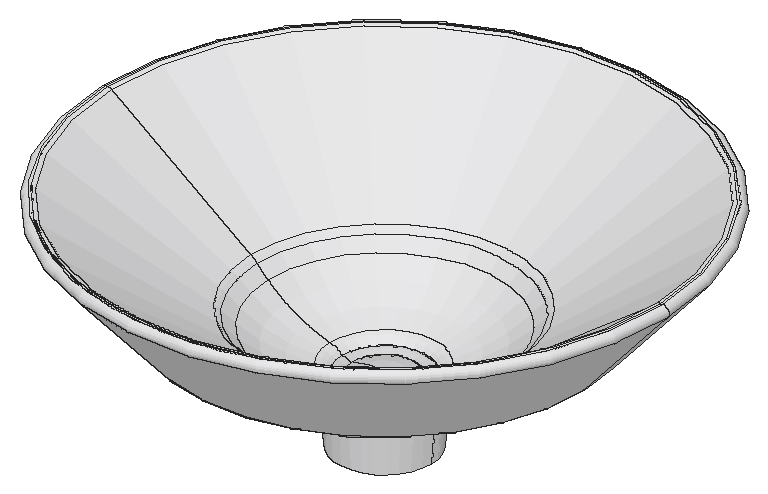
Revit family "Sink-Vessel-Lavatory-KOHLER-CONICAL_BELL-K-2200T", category Plumbing Fixtures, host Face, Revit 2017
Family settings
  Host = Face
  Round Connector Dimension = Use Diameter
  Part Type = Normal
  OmniClass Number = 23.31.13.00
  OmniClass Title = Sinks
  Cut with Voids When Loaded = No
  Shared = No
  Room Calculation Point = No
Parameters (values of type "0-White")
  Width = 16 7/32"  # constant formula
  WaterSense Certified = 1 = 0  # no
  Waste Water Outlet = "Waste Water Outlet"  # constant formula
  Waste Connection = 1 = 1  # yes
  Vent Connection = 1 = 0  # no
  URL = "http://www.kohler.com.cn/en/"
  Type = 1
  Product Page URL = ""
  Product Name = "CONICAL BELL\r\n"  # constant formula
  Product Documentation Link = ""
  Model = if(Type = 1, "K-2200T-G-0", if(Type = 2, "K-2200T-G-47", if(Type = 3, "K-2200T-G-71", if(Type = 4, "K-2200T-G-95", if(Type = 5, "K-2200T-G-96", "NA")))))  # "K-2200T-G-0"
  Material = "Vitrous China"  # constant formula
  Master Format 2014 Name = "Residential Lavatories and Sinks"  # constant formula
  Master Format 2014 = "22 41 16"  # constant formula
  Manufacturer Address = "158 Jiangchang 3rd Road Zhabei District Shanghai, 200436 China"  # constant formula
  Manufacturer = "KOHLER Co."  # constant formula
  Length = 16 7/32"  # constant formula
  Hot Water Inlet = "Hot Water Inlet"  # constant formula
  Height = 6 97/256"  # constant formula
  HW Connection = 1 = 0  # no
  Finish = Kohler-Vitreous_China-0-White
  Environmental Product Declaration = ""
  Drain Included = 1 = 0  # no
  Description = "Vessels Conical Bell Lavatory with Glazed Bottom"  # constant formula
  Default Elevation = 36"
  Declare Label = ""
  Date Modified = "07/02/2020"  # constant formula
  Date Created = "07/02/2020"  # constant formula
  Copyright = "Copyright KOHLER Co."  # constant formula
  Contact Us = "http://www.kohler.com.cn/en/contact/contact-us/"
  Cold Water Inlet = "Cold Water Inlet"  # constant formula
  CW Connection = 1 = 0  # no
  Assembly Code = "D2010400"
  ADA Compliant = 1 = 0  # no
Types (6): name | Type | Model | Finish
  (no name) | 1 | "K-2200T-G-0" | Kohler-Vitreous_China-0-White
  0-White | 1 | "K-2200T-G-0" | Kohler-Vitreous_China-0-White
  47-Almond | 2 | "K-2200T-G-47" | Kohler-Vitreous_China-47-Almond
  71-Seafoam | 3 | "K-2200T-G-71" | KOHLER-Vitreous_China-71-Seafoam
  95-Ice Grey | 4 | "K-2200T-G-95" | Kohler-Vitreous_China-95-Ice_Grey
  96-Biscuit | 5 | "K-2200T-G-96" | Kohler-Vitreous_China-96-Biscuit
Reference planes (in)
  plane 1 "Center (Front/Back)": y = 0
  plane 2: z = 0
  plane 3 "Center (Left/Right)": x = 0
  plane 4: x = -8.11024
  plane 5: x = 8.10851
  plane 6: y = 8.11024
  plane 7: y = -8.10851
  plane 8: z = 2.99213
  plane 9: z = -3.38678
Forms (in)
  Extrusion 1, void
    sketch origin (0, 0, 0) x (1, 0, 0) y (0, 1, 0)
      loop
        circle (0, 0) r 4.92126
    from -3.38583 to 0
Dimensions and locks (in)
  "Width": plane 6 to plane 7
  "Length": plane 4 to plane 5
  "Height": plane 8 to plane 9
  plane 8 to plane 2 = 2.99213"
  aligned and locked: plane 2 to host face
  aligned and locked: level to host face
Automatic sketch dimensions
  host sketch curve to host sketch curve = 96"  (x2)
  plane 1 "Center (Front/Back)" to Extrusion 1 sketch curve = 0"
  Extrusion 1 sketch curve to plane 3 "Center (Left/Right)" = 0"
  radius of Extrusion 1 sketch curve = 4.92126"
Nested families (in)
  nested 1: "K-2200T" at (0, 0, -3.38583), type "K-2200T"
Connectors (in)
  piping at (0, 0, -3.38583), diameter 1.25, driven by "Waste Connection", driven by "Waste Water Outlet"
    settings: on nested 1, index 1, connector inside diameter 24", connector length 0", flow factor 0, pipe flow 0 GPM, pressure drop 0.00 psi, fitting loss kfactor 0, connector angle 0.00°, fixture units 0, engagement length 0", angle of deflection 0.00°, flow configuration 0, flow direction 2, fitting loss method 0, system type 16, joint type 0, gender type 0, connector reference index -1, connector utility 1, adjustable connector no, is connector primary yes, connector description "Waste Water Outlet"
Definition of nested family "K-2200T"
  Parameters (values of type "K-2200T")
    Material = none
  Reference planes (in)
    plane 1 "Center (Front/Back)": y = 0
    plane 2: z = 0
    plane 3 "Center (Left/Right)": x = 0
    plane 4: y = 8.11024
    plane 5: y = -8.11024
    plane 6: x = 8.11024
    plane 7: x = -8.11024
    plane 8: z = 6.37795
    plane 9: z = 3.38583
  Forms (in)
    Revolve 1, solid, material <- "Material", detail levels medium+fine
      sketch origin (0, 0, 0) x (1, 0, 0) y (0, 0, 1)
        loop
          arc (7.87831, 6.37795) -> (7.8166, 6.36831) -> (7.76078, 6.34032) r 0.20233
          line (7.76078, 6.34032) -> (3.80896, 3.52014)
          arc (3.80896, 3.52014) -> (3.71623, 3.44582) -> (3.63233, 3.36166) r 1.06674
          arc (3.63233, 3.36166) -> (3.48213, 3.20029) -> (3.32511, 3.04555) r 5.11723
          arc (3.32511, 3.04555) -> (2.49955, 2.44484) -> (1.54913, 2.07188) r 4.01342
          arc (1.54913, 2.07188) -> (1.21326, 1.86222) -> (1.06291, 1.49594) r 0.64566
          line (1.06291, 1.49594) -> (1.06291, 0) -> (1.34493, 0) -> (1.45542, 1.4161)
          arc (1.45542, 1.4161) -> (1.51409, 1.55904) -> (1.64516, 1.64085) r 0.25196
          arc (1.64516, 1.64085) -> (2.77765, 2.10045) -> (3.74037, 2.85341) r 4.40712
          line (3.74037, 2.85341) -> (4.09639, 3.22207)
          arc (4.09639, 3.22207) -> (4.27262, 3.34319) -> (4.48216, 3.38583) r 0.53629
          line (4.48216, 3.38583) -> (5.63666, 3.38583)
          arc (5.63666, 3.38583) -> (5.6812, 3.39541) -> (5.71787, 3.42245) r 0.10834
          line (5.71787, 3.42245) -> (8.06598, 6.08154)
          arc (8.06598, 6.08154) -> (8.09488, 6.27293) -> (7.93229, 6.37795) r 0.17835
          line (7.93229, 6.37795) -> (7.87831, 6.37795)
        axis (0, 6.37795) -> (0, 0)
      angle from 0 to 360
    Revolve 2, solid, detail levels medium+fine
      sketch origin (0, 0, 0) x (1, 0, 0) y (0, 0, 1)
        loop
          line (0, 1.41878) -> (0, 1.93165)
          arc (0, 1.93165) -> (-0.45322, 1.90002) -> (-0.89765, 1.80572) r 3.26224
          arc (-0.89765, 1.80572) -> (-0.90727, 1.79092) -> (-0.89395, 1.77933) r 0.01345
          line (-0.89395, 1.77933) -> (-0.47341, 1.77933) -> (-0.47341, 1.64604) -> (-0.92435, 1.64604) -> (-0.95196, 1.7491)
          arc (-0.95196, 1.7491) -> (-1.06293, 1.83403) -> (-1.19767, 1.8711) r 0.36541
          arc (-1.19767, 1.8711) -> (-1.22863, 1.84821) -> (-1.21046, 1.81426) r 0.02944
          line (-1.21046, 1.81426) -> (-1.05016, 1.75273)
          arc (-1.05016, 1.75273) -> (-1.00292, 1.71648) -> (-0.98304, 1.66034) r 0.10483
          line (-0.98304, 1.66034) -> (-0.97038, 1.41878) -> (0, 1.41878)
        axis (0, 1.93165) -> (0, 1.41878)
      angle from 0 to 360
    Revolve 3, solid, material <- "Material", detail levels coarse
      sketch origin (0, 0, 0) x (1, 0, 0) y (0, 0, 1)
        loop
          line (4.48216, 3.38583) -> (5.68553, 3.38583) -> (8.06479, 6.08019) -> (8.06479, 6.37563) -> (7.82211, 6.37563) -> (5.71983, 3.77953) -> (4.37078, 3.77953) -> (1.08735, 1.75997) -> (0.95004, 0) -> (1.34493, 0) -> (1.46428, 1.5296) -> (4.48216, 3.38583)
        axis (0, 6.37563) -> (0, 0)
      angle from 0 to 360
    Extrusion 4, solid, material <- "Material", detail levels coarse
      sketch origin (0, 0, 0) x (1, 0, 0) y (0, 1, 0)
        loop
          circle (0, 0) r 1.08735
      from 1.5296 to 1.75997
  Cuts and joins
    joined: Revolve 3, Extrusion 4
  Lines and regions (in)
    Masking region 1
      outline origin (0, 0, 0) x (1, 0, 0) y (0, 1, 0)
        loop
          circle (0, 0) r 8.11024
    Masking region 2
      outline origin (0, 0, 0) x (1, 0, 0) y (0, 0, 1)
        loop
          line (4.48216, 3.38583) -> (5.63666, 3.38583)
          arc (5.63666, 3.38583) -> (5.6812, 3.39541) -> (5.71787, 3.42245) r 0.10834
          line (5.71787, 3.42245) -> (8.06598, 6.08154)
          arc (8.06598, 6.08154) -> (8.09488, 6.27293) -> (7.93229, 6.37795) r 0.17835
          line (7.93229, 6.37795) -> (-7.93229, 6.37795)
          arc (-7.93229, 6.37795) -> (-8.09488, 6.27293) -> (-8.06598, 6.08154) r 0.17835
          line (-8.06598, 6.08154) -> (-5.71787, 3.42245)
          arc (-5.71787, 3.42245) -> (-5.6812, 3.39541) -> (-5.63666, 3.38583) r 0.10834
          line (-5.63666, 3.38583) -> (-4.48216, 3.38583)
          arc (-4.48216, 3.38583) -> (-4.27262, 3.34319) -> (-4.09639, 3.22207) r 0.53629
          line (-4.09639, 3.22207) -> (-3.74037, 2.85341)
          arc (-3.74037, 2.85341) -> (-2.77765, 2.10045) -> (-1.64516, 1.64085) r 4.40712
          arc (-1.64516, 1.64085) -> (-1.51409, 1.55904) -> (-1.45542, 1.4161) r 0.25196
          line (-1.45542, 1.4161) -> (-1.34493, 0) -> (1.34493, 0) -> (1.45542, 1.4161)
          arc (1.45542, 1.4161) -> (1.51409, 1.55904) -> (1.64516, 1.64085) r 0.25196
          arc (1.64516, 1.64085) -> (2.77765, 2.10045) -> (3.74037, 2.85341) r 4.40712
          line (3.74037, 2.85341) -> (4.09639, 3.22207)
          arc (4.09639, 3.22207) -> (4.27262, 3.34319) -> (4.48216, 3.38583) r 0.53629
    Masking region 3
      outline origin (0, 0, 0) x (0, 1, 0) y (0, 0, 1)
        loop
          arc (-4.48175, 3.38583) -> (-4.27221, 3.34319) -> (-4.09598, 3.22207) r 0.53629
          line (-4.09598, 3.22207) -> (-3.73996, 2.85341)
          arc (-3.73996, 2.85341) -> (-2.77724, 2.10045) -> (-1.64475, 1.64085) r 4.40712
          arc (-1.64475, 1.64085) -> (-1.51368, 1.55904) -> (-1.45501, 1.4161) r 0.25196
          line (-1.45501, 1.4161) -> (-1.34452, 0) -> (1.34535, 0) -> (1.45583, 1.4161)
          arc (1.45583, 1.4161) -> (1.5145, 1.55904) -> (1.64557, 1.64085) r 0.25196
          arc (1.64557, 1.64085) -> (2.77807, 2.10045) -> (3.74079, 2.85341) r 4.40712
          line (3.74079, 2.85341) -> (4.0968, 3.22207)
          arc (4.0968, 3.22207) -> (4.27303, 3.34319) -> (4.48258, 3.38583) r 0.53629
          line (4.48258, 3.38583) -> (5.63707, 3.38583)
          arc (5.63707, 3.38583) -> (5.68162, 3.39541) -> (5.71828, 3.42245) r 0.10834
          line (5.71828, 3.42245) -> (8.0664, 6.08154)
          arc (8.0664, 6.08154) -> (8.09529, 6.27293) -> (7.93271, 6.37795) r 0.17835
          line (7.93271, 6.37795) -> (-7.93188, 6.37795)
          arc (-7.93188, 6.37795) -> (-8.09446, 6.27293) -> (-8.06557, 6.08154) r 0.17835
          line (-8.06557, 6.08154) -> (-5.71746, 3.42245)
          arc (-5.71746, 3.42245) -> (-5.68079, 3.39541) -> (-5.63625, 3.38583) r 0.10834
          line (-5.63625, 3.38583) -> (-4.48175, 3.38583)
    symbolic lines, detail levels medium+fine
      curve 1: circle (0, 0, 0) r 7.87402 normal (0, 0, 1)
      curve 3: circle (0, 0, 0) r 1.06291 normal (0, 0, 1)
      curve 5: line (-8.06598, 0, 6.08154) -> (8.06598, 0, 6.08154)
      curve 6: line (-4.48216, 0, 3.38583) -> (4.48216, 0, 3.38583)
      curve 7: line (-1.64516, 0, 1.64085) -> (1.64516, 0, 1.64085)
      curve 8: line (0, 8.0664, 6.08154) -> (0, -8.06557, 6.08154)
      curve 9: line (0, 4.48258, 3.38583) -> (0, -4.48175, 3.38583)
      curve 10: line (0, 1.64557, 1.64085) -> (0, -1.64475, 1.64085)
    symbolic lines
      curve 2: circle (0, 0, 0) r 4.92126 normal (0, 0, 1)
      curve 4: circle (0, 0, 0) r 1.34493 normal (0, 0, 1)
  Dimensions and locks (in)
    plane 5 to plane 4 = 16.22047"
    plane 8 to plane 2 = 6.37795"
    plane 8 to plane 9 = 2.99213"
    aligned and locked: plane 2 to level
